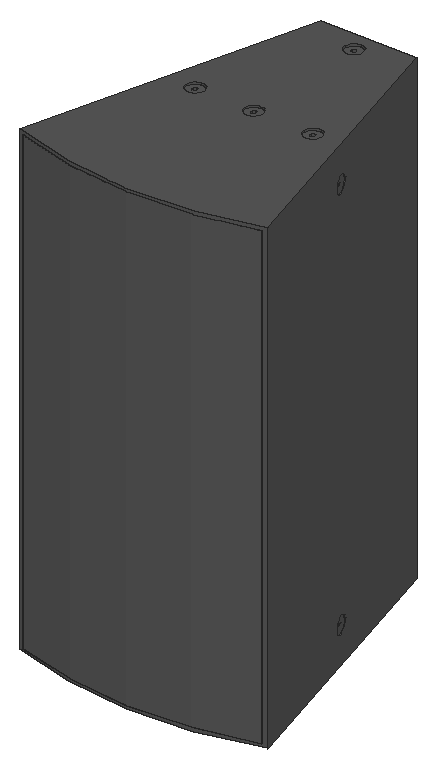
Revit family "1Electronics_Community-Point-Source_Biamp_IP8_1152", category Communication Devices, host Face, Revit 2020
Family settings
  Host = Face
  Maintain Annotation Orientation = No
  Round Connector Dimension = Use Diameter
  Part Type = Normal
  OmniClass Number = 23.85.10.11.14.14.14
  OmniClass Title = Loudspeakers
  Cut with Voids When Loaded = No
  Shared = No
  Room Calculation Point = No
Parameters (values of type "Please download type catalogue!")
  Width = 1' - 4 1/2"  # constant formula
  Weight = 68.00 lbf  # constant formula
  URL = "https://www.biamp.com/"
  Transducers = "LF 1 x 15 (381mm) ferrite driver, 3 (76mm) voice coil; HF 1 x 1.4 (36mm) exit, 2.6 (66mm) voice coil, demodulation ring, ketone polymer diaphragm, neodymium\r\ncompression driver"  # constant formula
  Shipping Weight = 81.00 lbf  # constant formula
  Recommended Amplifiers = "LF - 600W - 1200W @ 8 ohms, (69V - 98V); HF - 80W - 160W @ 8 ohms (25V - 36V)"  # constant formula
  Product data url = "https://www.bimobject.com/biamp/product/ip8-1152_community-point-source"
  Product Page URL = "https://www.biamp.com/products/product-families/community/point-source#ip8-1152"
  Product Documentation Link = "https://www.biamp.com/products/product-families/community/point-source#ip8-1152"
  Operating Range = ""
  Operating Mode = "Passive or Biamp with DSP"  # constant formula
  Operating Environment = "Indoor"  # constant formula
  Nominal Sensitivity = ""
  Nominal Maximum SPL (Whole Space) = ""
  Nominal Beamwidth (H x V) = ""
  Mounting Points = "15"  # constant formula
  Model = ""
  Manufacturer = "Biamp"  # constant formula
  Input Connection = "Screw terminal blocks (6-position)"  # constant formula
  Housing Material = Biamp - Plastic - Black
  Height = 2' - 6 205/256"  # constant formula
  Gril Material = Biamp - Plastic - Black(Grid)
  Equalized Sensitivity = "1W: 93 dB - 2.83V: 93 dB"  # constant formula
  Equalized Maximum SPL = "Peak: 128 dB - Continuous: 122 dB"  # constant formula
  Environmental = "MIL-STD-810G"  # constant formula
  Description = "IP8-1152 High Power 15-Inch Two-Way Installation Loudspeaker"  # constant formula
  Depth = 1' - 8 9/128"  # constant formula
  Default Elevation = 4' - 0"
  Continuous Power Handling  Nominal Impedance = "LF - 69V, 600W @ 8 ohms (2400W peak); HF - 25V, 80W @ 8 ohms (320W peak)"  # constant formula
Reference planes (in)
  plane 1 "Center (Front/Back)": y = 0
  plane 2: z = 0
  plane 3 "Center (Left/Right)": x = 0
Forms (in)
  Extrusion 1, solid, material "Biamp - Plastic - Black" <- "Housing Material", detail levels medium+fine
    sketch origin (0.06114, 0, 0) x (1, 0, 0) y (0, 1, 0)
      loop
        arc (-8.31114, -9.03386) -> (-0.07469, -10.47654) -> (8.18886, -9.19819) r 25.69511
        line (8.18886, -9.19819) -> (3.02372, 9.59333) -> (-3.34569, 9.59333) -> (-8.31114, -9.03386)
    from 0 to 30.79921
  Extrusion 2, void
    sketch origin (0.06114, -0.40824, 0) x (1, 0, 0) y (0, 1, 0)
      loop
        arc (7.84259, -8.6945) -> (-0.07521, -9.87143) -> (-7.96774, -8.5355) r 25.49826
        line (-7.96774, -8.5355) -> (-8.01855, -8.72611)
        arc (-8.01855, -8.72611) -> (-0.07445, -10.0683) -> (7.8948, -8.88444) r 25.69511
        line (7.8948, -8.88444) -> (7.84259, -8.6945)
    from 0.19685 to 30.60236
  Extrusion 3, void
    sketch origin (0, 0, 0) x (1, 0, 0) y (0, 1, 0)
      loop
        circle (-3.88574, 0) r 0.59055
      loop
        circle (0, 0) r 0.59055
      loop
        circle (3.88574, 0) r 0.59055
      loop
        circle (0, 8.26772) r 0.59055
    from 30.79921 to 30.70079
  Extrusion 4, void
    sketch origin (0, 0, 0) x (1, 0, 0) y (0, 1, 0)
      loop
        circle (-3.88574, 0) r 0.15748
      loop
        circle (0, 0) r 0.15748
      loop
        circle (3.88574, 0) r 0.15748
      loop
        circle (0, 8.26772) r 0.15748
    from 30.48425 to 30.70079
  Extrusion 5, void
    sketch origin (3.4754, 8.1725, -0.11969) x (-0.265036, 0.964239, 0) y (0, 0, -1)
      loop
        circle (-8.43473, -2.47439) r 0.59055
      loop
        circle (-8.43473, -28.5642) r 0.59055
    from 0 to 0.09843
  Extrusion 6, void
    sketch origin (3.4754, 8.1725, -0.11969) x (-0.265036, 0.964239, 0) y (0, 0, -1)
      loop
        circle (-8.43473, -2.47439) r 0.15748
      loop
        circle (-8.43473, -28.5642) r 0.15748
    from 0.09843 to 0.19685
  Extrusion 7, void
    sketch origin (-8.00858, -8.1282, -0.01138) x (-0.257575, -0.966258, 0) y (0, 0, -1)
      loop
        circle (-8.58908, -2.3454) r 0.59055
      loop
        circle (-8.58908, -28.47658) r 0.59055
    from 0 to 0.09843
  Extrusion 8, void
    sketch origin (-8.00858, -8.1282, -0.01138) x (-0.257575, -0.966258, 0) y (0, 0, -1)
      loop
        circle (-8.58908, -2.3454) r 0.15748
      loop
        circle (-8.58908, -28.47658) r 0.15748
    from 0.09843 to 0.19685
  Extrusion 9, solid, material "Biamp - Plastic - Black(Grid)" <- "Gril Material", detail levels medium+fine
    sketch origin (0.06114, 0, 0) x (1, 0, 0) y (0, 1, 0)
      loop
        line (7.8948, -9.29269) -> (7.84259, -9.10275)
        arc (7.84259, -9.10275) -> (-0.07521, -10.27967) -> (-7.96774, -8.94374) r 25.49826
        line (-7.96774, -8.94374) -> (-8.01855, -9.13435)
        arc (-8.01855, -9.13435) -> (-0.07445, -10.47654) -> (7.8948, -9.29269) r 25.69511
    from 0.19685 to 30.60236
  Extrusion 10, void
    sketch origin (-2.65672, 9.59333, 0) x (-1, 0, 0) y (0, 0, -1)
      loop
        circle (-2.65672, -14.34419) r 0.59055
      loop
        circle (-2.65672, -2.39197) r 0.59055
      loop
        circle (-2.65672, -28.40725) r 0.59055
    from 0 to 0.09843
  Extrusion 11, void
    sketch origin (-2.65672, 9.59333, 0) x (-1, 0, 0) y (0, 0, -1)
      loop
        circle (-2.65672, -14.34419) r 0.15748
      loop
        circle (-2.65672, -2.39197) r 0.15748
      loop
        circle (-2.65672, -28.40725) r 0.15748
    from 0 to 0.19685
  Extrusion 12, void
    sketch origin (-2.65672, 9.59333, 0) x (-1, 0, 0) y (0, 0, -1)
      loop
        line (-4.83035, -12.09383) -> (-0.49964, -12.09383) -> (-0.49964, -5.00722) -> (-4.83035, -5.00722) -> (-4.83035, -12.09383)
    from 0 to 0.19685
  Extrusion 13, solid, material "Biamp - Plastic - Black" <- "Housing Material", detail levels medium+fine
    sketch origin (-2.65672, 9.59333, 0) x (1, 0, 0) y (0, 0, -1)
      loop
        line (0.49964, -12.09383) -> (4.83035, -12.09383) -> (4.83035, -5.00722) -> (0.49964, -5.00722) -> (0.49964, -12.09383)
    from 0 to -0.19685
  Extrusion 14, solid, material "Biamp - Plastic - Black" <- "Housing Material", detail levels coarse
    sketch origin (0.06114, 0, 0) x (1, 0, 0) y (0, 1, 0)
      loop
        line (-3.34569, 9.59333) -> (-8.31114, -9.03386)
        arc (-8.31114, -9.03386) -> (-0.07469, -10.47654) -> (8.18886, -9.19819) r 25.69511
        line (8.18886, -9.19819) -> (3.02372, 9.59333) -> (-3.34569, 9.59333)
    from 0 to 30.79921
  Extrusion 15, solid, material "Biamp - Plastic - Black" <- "Housing Material", detail levels medium+fine
    sketch origin (-2.65672, 9.59333, 0) x (1, 0, 0) y (0, 0, -1)
      loop
        line (4.46661, -11.73413) -> (4.46661, -11.23413) -> (3.96661, -11.23413) -> (3.96661, -11.73413) -> (4.46661, -11.73413)
    from 0 to 0.00716
  Extrusion 16, solid, material "Biamp - Plastic - Black" <- "Housing Material", detail levels medium+fine
    sketch origin (-3.77108, 9.59333, -1) x (1, 0, 0) y (0, 0, -1)
      loop
        line (4.46661, -11.73413) -> (4.46661, -11.23413) -> (3.96661, -11.23413) -> (3.96661, -11.73413) -> (4.46661, -11.73413)
    from 0 to 0.00716
  Extrusion 17, solid, material "Biamp - Plastic - Black" <- "Housing Material", detail levels medium+fine
    sketch origin (-2.65672, 9.59333, -1) x (1, 0, 0) y (0, 0, -1)
      loop
        line (4.46661, -11.73413) -> (4.46661, -11.23413) -> (3.96661, -11.23413) -> (3.96661, -11.73413) -> (4.46661, -11.73413)
    from 0 to 0.00716
Cuts and joins
  Extrusion 2, Extrusion 3, Extrusion 4, Extrusion 5, Extrusion 6, Extrusion 7, Extrusion 8, Extrusion 10, Extrusion 11, Extrusion 12 cuts Extrusion 1
Lines and regions (in)
  Masking region 1
    outline origin (0.06114, 0, 0) x (1, 0, 0) y (0, 1, 0)
      loop
        line (-3.34569, 9.59333) -> (-8.31114, -9.03386)
        arc (-8.31114, -9.03386) -> (-0.07469, -10.47654) -> (8.18886, -9.19819) r 25.69511
        line (8.18886, -9.19819) -> (3.02372, 9.59333) -> (-3.34569, 9.59333)
  Masking region 2
    outline origin (0, 0, 0) x (1, 0, 0) y (0, 0, 1)
      loop
        line (-8.38193, 30.79921) -> (-8.38193, 0) -> (8.28586, 0) -> (8.28586, 30.79921) -> (-8.38193, 30.79921)
  Masking region 3, detail levels medium+fine
    outline origin (0, 0, 0) x (1, 0, 0) y (0, 0, 1)
      loop
        line (-8.19568, 30.60236) -> (-8.19568, 0.19685) -> (8.09869, 0.19685) -> (8.09869, 30.60236) -> (-8.19568, 30.60236)
  Masking region 4
    outline origin (0, 0, 0) x (0, 1, 0) y (0, 0, 1)
      loop
        line (9.59333, 30.79921) -> (-8.60072, 30.79921) -> (-8.60072, 0) -> (9.59333, 0) -> (9.59333, 30.79921)
  Masking region 5
    outline origin (0, 0, 0) x (0, 1, 0) y (0, 0, 1)
      loop
        line (-8.60072, 30.79921) -> (-10.07032, 30.79921) -> (-10.07032, 0) -> (-8.60072, 0) -> (-8.60072, 30.79921)
  symbolic lines, detail levels medium+fine
    curve 1: arc (-0.59055, 8.26772, 0) -> (0, 7.67717, 0) -> (0.59055, 8.26772, 0) r 0.59055
    curve 2: arc (0.59055, 8.26772, 0) -> (0, 8.85827, 0) -> (-0.59055, 8.26772, 0) r 0.59055
    curve 3: arc (-0.59055, 0, 0) -> (0, -0.59055, 0) -> (0.59055, 0, 0) r 0.59055
    curve 4: arc (0.59055, 0, 0) -> (0, 0.59055, 0) -> (-0.59055, 0, 0) r 0.59055
    curve 5: arc (-3.29519, 0, 0) -> (-3.88574, 0.59055, 0) -> (-4.47629, 0, 0) r 0.59055
    curve 6: arc (-4.47629, 0, 0) -> (-3.88574, -0.59055, 0) -> (-3.29519, 0, 0) r 0.59055
    curve 7: arc (3.29519, 0, 0) -> (3.88574, -0.59055, 0) -> (4.47629, 0, 0) r 0.59055
    curve 8: arc (4.47629, 0, 0) -> (3.88574, 0.59055, 0) -> (3.29519, 0, 0) r 0.59055
    curve 9: arc (-0.15748, 0, 0) -> (0, -0.15748, 0) -> (0.15748, 0, 0) r 0.15748
    curve 10: arc (0.15748, 0, 0) -> (0, 0.15748, 0) -> (-0.15748, 0, 0) r 0.15748
    curve 11: arc (-4.04322, 0, 0) -> (-3.88574, -0.15748, 0) -> (-3.72826, 0, 0) r 0.15748
    curve 12: arc (-3.72826, 0, 0) -> (-3.88574, 0.15748, 0) -> (-4.04322, 0, 0) r 0.15748
    curve 13: arc (4.04322, 0, 0) -> (3.88574, 0.15748, 0) -> (3.72826, 0, 0) r 0.15748
    curve 14: arc (3.72826, 0, 0) -> (3.88574, -0.15748, 0) -> (4.04322, 0, 0) r 0.15748
    curve 15: arc (0.15748, 8.26772, 0) -> (0, 8.4252, 0) -> (-0.15748, 8.26772, 0) r 0.15748
    curve 16: arc (-0.15748, 8.26772, 0) -> (0, 8.11024, 0) -> (0.15748, 8.26772, 0) r 0.15748
    curve 17: spline (0, -0.55086, 2.33402) -> (0, -0.53146, 2.48687) -> (0, -0.4746, 2.62929) -> (0, -0.38416, 2.7516) -> (0, -0.26628, 2.84545) -> (0, -0.12901, 2.90445) -> (0, 0.01829, 2.92457) -> (0, 0.1656, 2.90445) -> (0, 0.30287, 2.84545) -> (0, 0.42074, 2.7516) -> (0, 0.51119, 2.62929) -> (0, 0.56805, 2.48687) -> (0, 0.58744, 2.33402)
    curve 18: spline (0, 0.58744, 2.33402) -> (0, 0.56805, 2.18117) -> (0, 0.51119, 2.03874) -> (0, 0.42074, 1.91644) -> (0, 0.30287, 1.82259) -> (0, 0.1656, 1.76359) -> (0, 0.01829, 1.74347) -> (0, -0.12901, 1.76359) -> (0, -0.26628, 1.82259) -> (0, -0.38416, 1.91644) -> (0, -0.4746, 2.03874) -> (0, -0.53146, 2.18117) -> (0, -0.55086, 2.33402)
    curve 19: spline (0, 0.14381, 2.33402) -> (0, 0.13864, 2.29326) -> (0, 0.12347, 2.25528) -> (0, 0.09936, 2.22266) -> (0, 0.06792, 2.19764) -> (0, 0.03132, 2.18191) -> (0, -0.00796, 2.17654) -> (0, -0.04725, 2.18191) -> (0, -0.08385, 2.19764) -> (0, -0.11528, 2.22266) -> (0, -0.1394, 2.25528) -> (0, -0.15457, 2.29326) -> (0, -0.15974, 2.33402)
    curve 20: spline (0, -0.15974, 2.33402) -> (0, -0.15457, 2.37478) -> (0, -0.1394, 2.41276) -> (0, -0.11528, 2.44537) -> (0, -0.08385, 2.4704) -> (0, -0.04725, 2.48613) -> (0, -0.00796, 2.4915) -> (0, 0.03132, 2.48613) -> (0, 0.06792, 2.4704) -> (0, 0.09936, 2.44537) -> (0, 0.12347, 2.41276) -> (0, 0.13864, 2.37478) -> (0, 0.14381, 2.33402)
    curve 21: spline (0, -0.55086, 28.46519) -> (0, -0.53146, 28.31235) -> (0, -0.4746, 28.16992) -> (0, -0.38416, 28.04761) -> (0, -0.26628, 27.95376) -> (0, -0.12901, 27.89476) -> (0, 0.01829, 27.87464) -> (0, 0.1656, 27.89476) -> (0, 0.30287, 27.95376) -> (0, 0.42074, 28.04761) -> (0, 0.51119, 28.16992) -> (0, 0.56805, 28.31235) -> (0, 0.58744, 28.46519)
    curve 22: spline (0, 0.58744, 28.46519) -> (0, 0.56805, 28.61804) -> (0, 0.51119, 28.76047) -> (0, 0.42074, 28.88278) -> (0, 0.30287, 28.97663) -> (0, 0.1656, 29.03562) -> (0, 0.01829, 29.05574) -> (0, -0.12901, 29.03562) -> (0, -0.26628, 28.97663) -> (0, -0.38416, 28.88278) -> (0, -0.4746, 28.76047) -> (0, -0.53146, 28.61804) -> (0, -0.55086, 28.46519)
    curve 23: spline (0, 0.14381, 28.46519) -> (0, 0.13864, 28.50595) -> (0, 0.12347, 28.54393) -> (0, 0.09936, 28.57655) -> (0, 0.06792, 28.60158) -> (0, 0.03132, 28.61731) -> (0, -0.00796, 28.62267) -> (0, -0.04725, 28.61731) -> (0, -0.08385, 28.60158) -> (0, -0.11528, 28.57655) -> (0, -0.1394, 28.54393) -> (0, -0.15457, 28.50595) -> (0, -0.15974, 28.46519)
    curve 24: spline (0, -0.15974, 28.46519) -> (0, -0.15457, 28.42443) -> (0, -0.1394, 28.38645) -> (0, -0.11528, 28.35384) -> (0, -0.08385, 28.32881) -> (0, -0.04725, 28.31308) -> (0, -0.00796, 28.30771) -> (0, 0.03132, 28.31308) -> (0, 0.06792, 28.32881) -> (0, 0.09936, 28.35384) -> (0, 0.12347, 28.38645) -> (0, 0.13864, 28.42443) -> (0, 0.14381, 28.46519)
Dimensions and locks (in)
  aligned and locked: plane 2 to host face
  aligned and locked: level to host face
Connectors (in)
  electrical at (1.55989, 9.60048, 11.48413)
    settings: on Extrusion 15, index 1, voltage 80 V, apparent load 0 VA, apparent load phase1 3200 VA, apparent load phase2 0 VA, apparent load phase3 0 VA, power factor 1, load classification "Other", number of poles 1, system type 5, power factor state 1, is connector primary yes, connector utility no, sub classification motor no, connector description "Screw terminal blocks; Passive input"
  electrical at (0.44553, 9.60048, 10.48413)
    settings: on Extrusion 16, index 2, voltage 0 V, apparent load 0 VA, apparent load phase1 0 VA, apparent load phase2 0 VA, apparent load phase3 0 VA, power factor 1, load classification "Other", number of poles 1, system type 5, power factor state 1, is connector primary no, connector utility no, sub classification motor no, connector description "Screw terminal blocks; Biamp input"
  electrical at (1.55989, 9.60048, 10.48413)
    settings: on Extrusion 17, index 3, voltage 80 V, apparent load 0 VA, apparent load phase1 3200 VA, apparent load phase2 0 VA, apparent load phase3 0 VA, power factor 1, load classification "Other", number of poles 1, system type 5, power factor state 1, is connector primary no, connector utility no, sub classification motor no, connector description "Screw terminal blocks; Passive thru"
